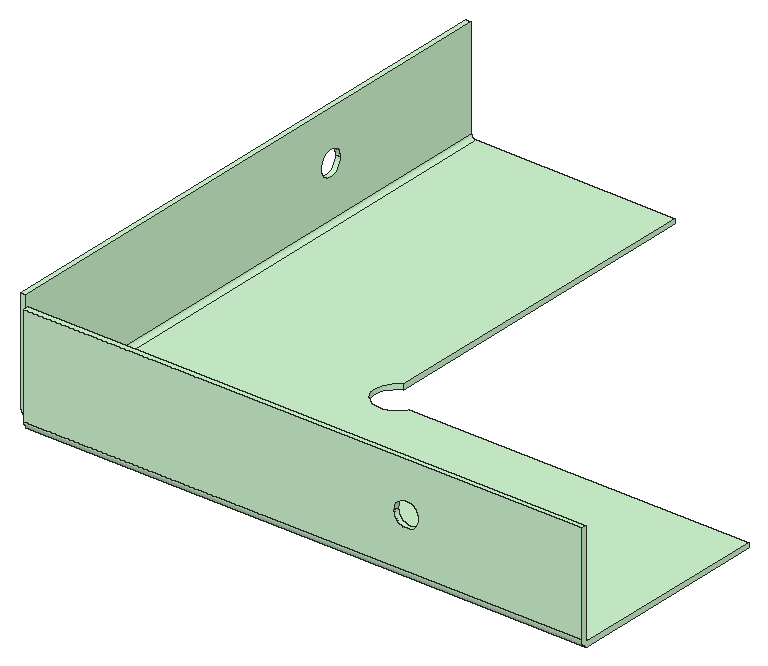
Revit family "35Lバー入隅J-eL3520(ビス)", category 機械設備, Revit 2020
Family settings
  丸型コネクタ寸法 = 直径を使用
  種別 = なし
  パーツ タイプ = 標準
  作業面ベース = いいえ
  常に垂直 = はい
  ロード時にボイドで切り取り = いいえ
  共有 = いいえ
  部屋計算ポイント = いいえ
Parameters
  製造元 = "株式会社桐井製作所"
  既定の高さ = 0 mm
  URL = "https://www.kirii.co.jp/"
  K_材質 = "溶融亜鉛めっき鋼板及び鋼帯 SGCC 一般用"
  K_品名 = "35Lバー入隅J-eL3520(ビス)"
  K_名称 = "Lバージョイント"
  K_入数 = "200"
  K_備考 = "対象Lバー:eL3520(35面)"
  K_バージョン情報 = "20220915"
  K_めっき付着量 = "Z12"
  K_JIS規格 = "JIS G 3302"
Reference planes
  plane 1 "中心(正面/背面)": y = 0
  plane 2: z = 0
  plane 3 "中心(左/右)": x = 0
Forms (mm)
  Extrusion 1, solid
    sketch origin (-0.8, 0, 0) x (-1, 0, 0) y (0, 0, -1)
      loop
        line (0, -17.5) -> (0, -1.5)
        arc (0, -1.5) -> (-0.439, -0.439) -> (-1.5, 0) r 1.5
        line (-1.5, 0) -> (-33.3, 0) -> (-33.3, -0.8) -> (-1.5, -0.8)
        arc (-1.5, -0.8) -> (-1.005, -1.005) -> (-0.8, -1.5) r 0.7
        line (-0.8, -1.5) -> (-0.8, -17.5) -> (0, -17.5)
    from -91.2 to -2.2
  Extrusion 2, solid
    sketch origin (0, 0, 0.8) x (0, 1, 0) y (0, 0, 1)
      loop
        arc (-0.8, 0.7) -> (-0.361, -0.361) -> (0.7, -0.8) r 1.5
        line (0.7, -0.8) -> (32.5, -0.8) -> (32.5, 0) -> (0.7, 0)
        arc (0.7, 0) -> (0.205, 0.205) -> (0, 0.7) r 0.7
        line (0, 0.7) -> (0, 16.7) -> (-0.8, 16.7) -> (-0.8, 0.7)
    from 2.2 to 91.2
  Extrusion 3, void
    sketch origin (0, 3.2, -3.945) x (0, 1, 0) y (0, 0, 1)
      loop
        circle (60, 13.5) r 2
    from -0.8 to 0
  Extrusion 4, void
    sketch origin (3.287, 0, -3.913) x (1, 0, 0) y (0, 0, 1)
      loop
        circle (60, 13.5) r 2
    from 0 to 0.8
  Extrusion 5, void
    sketch origin (5.5, 5.5, 0) x (1, 0, 0) y (0, 1, 0)
      loop
        line (27, 27) -> (27, 31.705)
        arc (27, 31.705) -> (25.895, 26.062) -> (31.568, 27) r 3.5
        line (31.568, 27) -> (27, 27)
    from 0 to 0.8
Cuts and joins
  Extrusion 3, Extrusion 4, Extrusion 5 cuts Extrusion 1
  Extrusion 3, Extrusion 4, Extrusion 5 cuts Extrusion 2
  joined: Extrusion 1, Extrusion 2
Dimensions and locks
  aligned and locked: level to plane 2
